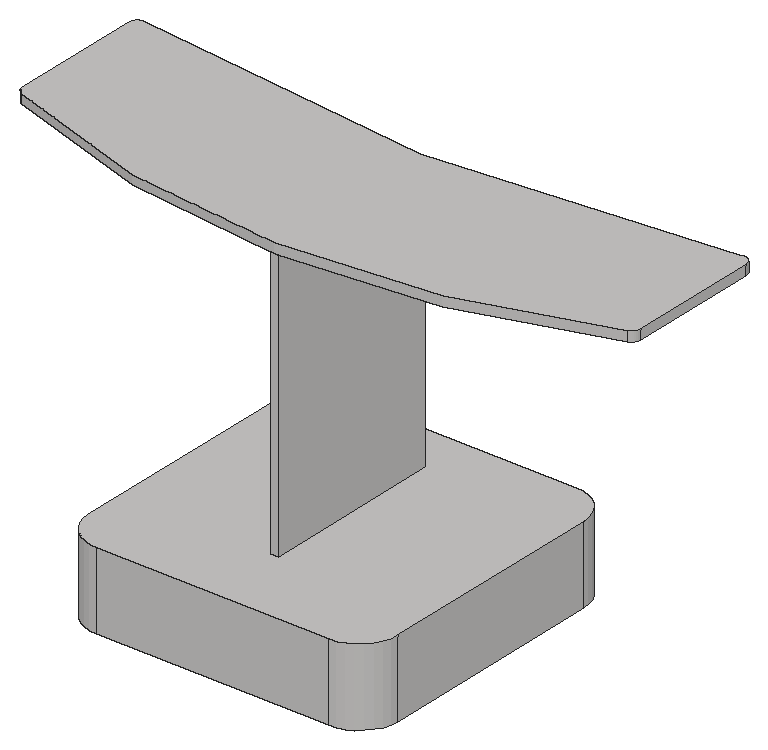
Revit family "RBA BIM - B672", category Specialty Equipment, host Face, Revit 2013
Parameters (values of type "B-672")
  URL = "www.rba.com.au"
  Type Comments = "Bright Polished Stainless Steel"
  Radius = 6.35 mm
  Product Page URL = ""
  Product Name = "Classic Series Surface Monted Double Robe Hook"
  Model = "B-672 Series"
  Manufacturer = "RBA Group"
  Keynote = ""
  Finish Material = Stainless Steel-Bobrick-Bright Polished
  Default Elevation = 965.2 mm
  Assembly Code = "C1030210"
  ADA Compliant = yes
Types (3, lengths in mm): name | Type Comments | Finish Material
  (no name) | "Bright Polished Stainless Steel" | Stainless Steel-Bobrick-Bright Polished
  B-672 | "Bright Polished Stainless Steel" | Stainless Steel-Bobrick-Bright Polished
  B-6727 | "Satin Finish Stainless Steel" | Stainless Steel-Bobrick-Satin
Reference planes
  plane 1 "Center (Front/Back)": y = 0
  plane 2: z = 0
  plane 3 "Center (Left/Right)": x = 0
  plane 4: x = -25.4
  plane 5: x = 25.4
  plane 6: y = -50.8
  plane 7 "Front of Wall Mount": z = 12.7
  plane 8: x = -0.657
  plane 9: x = 0.657
  plane 10: y = -38.1
  plane 11: y = -7.938
  plane 12: z = 57.15
  plane 13: x = 50.8
  plane 14: x = -50.8
  plane 15: z = 58.737
Forms (mm)
  Extrusion 1, solid, material "Stainless Steel-Bobrick-Bright Polished" <- "Finish Material"
    sketch origin (0, 0, 0) x (1, 0, 0) y (0, 1, 0)
      loop
        arc (-19.05, 0) -> (-23.54, -1.86) -> (-25.4, -6.35) r 6.35
        line (-25.4, -6.35) -> (-25.4, -44.45)
        arc (-25.4, -44.45) -> (-23.54, -48.94) -> (-19.05, -50.8) r 6.35
        line (-19.05, -50.8) -> (19.05, -50.8)
        arc (19.05, -50.8) -> (23.54, -48.94) -> (25.4, -44.45) r 6.35
        line (25.4, -44.45) -> (25.4, -6.35)
        arc (25.4, -6.35) -> (23.54, -1.86) -> (19.05, 0) r 6.35
        line (19.05, 0) -> (-19.05, 0)
    from 0 to 12.7
  Extrusion 2, solid, material "Stainless Steel-Bobrick-Bright Polished" <- "Finish Material"
    sketch origin (0, 0, 12.7) x (0, 1, 0) y (-1, 0, 0)
      loop
        line (-7.938, 0.657) -> (-38.1, 0.657) -> (-38.1, -0.657) -> (-7.938, -0.657) -> (-7.938, 0.657)
    from 0 to 44.45
  Extrusion 3, solid, material "Stainless Steel-Bobrick-Bright Polished" <- "Finish Material"
    sketch origin (0, 0, 12.7) x (0, 1, 0) y (-1, 0, 0)
      loop
        line (-4.785, 50.8) -> (-26.301, 50.8)
        arc (-26.301, 50.8) -> (-27.174, 50.538) -> (-27.759, 49.839) r 1.588
        arc (-27.759, 49.839) -> (-38.007, 0) -> (-27.759, -49.839) r 126.321
        arc (-27.759, -49.839) -> (-27.174, -50.538) -> (-26.301, -50.8) r 1.587
        line (-26.301, -50.8) -> (-4.785, -50.8)
        arc (-4.785, -50.8) -> (-3.555, -50.215) -> (-3.23, -48.892) r 1.587
        arc (-3.23, -48.892) -> (-8.213, 0) -> (-3.23, 48.892) r 242.355
        arc (-3.23, 48.892) -> (-3.555, 50.215) -> (-4.785, 50.8) r 1.588
    from 44.45 to 46.037
Lines and regions (mm)
  Masking region 1
    outline origin (0, 0, 12.7) x (0, 1, 0) y (-1, 0, 0)
      loop
        arc (-3.23, -48.892) -> (-5.345, -37.18) -> (-6.881, -25.378) r 242.355
        arc (-6.881, -25.378) -> (-2.052, -23.724) -> (0, -19.05) r 6.35
        line (0, -19.05) -> (0, 19.05)
        arc (0, 19.05) -> (-2.052, 23.724) -> (-6.881, 25.378) r 6.35
        arc (-6.881, 25.378) -> (-5.345, 37.18) -> (-3.23, 48.892) r 242.355
        arc (-3.23, 48.892) -> (-3.555, 50.215) -> (-4.785, 50.8) r 1.588
        line (-4.785, 50.8) -> (-26.301, 50.8)
        arc (-26.301, 50.8) -> (-27.174, 50.538) -> (-27.759, 49.839) r 1.588
        arc (-27.759, 49.839) -> (-32.214, 37.814) -> (-35.427, 25.4) r 126.321
        line (-35.427, 25.4) -> (-44.45, 25.4)
        arc (-44.45, 25.4) -> (-48.94, 23.54) -> (-50.8, 19.05) r 6.35
        line (-50.8, 19.05) -> (-50.8, -19.05)
        arc (-50.8, -19.05) -> (-48.94, -23.54) -> (-44.45, -25.4) r 6.35
        line (-44.45, -25.4) -> (-35.427, -25.4)
        arc (-35.427, -25.4) -> (-32.214, -37.814) -> (-27.759, -49.839) r 126.321
        arc (-27.759, -49.839) -> (-27.174, -50.538) -> (-26.301, -50.8) r 1.587
        line (-26.301, -50.8) -> (-4.785, -50.8)
        arc (-4.785, -50.8) -> (-3.555, -50.215) -> (-3.23, -48.892) r 1.587
  Masking region 2
    outline origin (0, 0, 0) x (0, 1, 0) y (0, 0, 1)
      loop
        line (-7.938, 57.15) -> (-3.198, 57.15) -> (-3.198, 58.737) -> (-38.1, 58.737) -> (-38.1, 12.7) -> (-50.8, 12.7) -> (-50.8, 0) -> (0, 0) -> (0, 12.7) -> (-7.938, 12.7) -> (-7.938, 57.15)
  Masking region 3
    outline origin (0, 0, 0) x (1, 0, 0) y (0, 0, 1)
      loop
        line (-50.8, 57.15) -> (-0.657, 57.15) -> (-0.657, 12.7) -> (-25.4, 12.7) -> (-25.4, 0) -> (25.4, 0) -> (25.4, 12.7) -> (0.657, 12.7) -> (0.657, 57.15) -> (50.8, 57.15) -> (50.8, 58.737) -> (-50.8, 58.737) -> (-50.8, 57.15)
  symbolic lines, style "Robe Hook"
    curve 1: line (-25.4, -35.427, 12.7) -> (-25.4, -6.879, 12.7)
    curve 2: line (25.4, -35.427, 12.7) -> (25.4, -6.879, 12.7)
    curve 3: line (0, -7.938, 57.15) -> (0, -38.1, 57.15)
    curve 4: line (0, -7.938, 12.7) -> (0, -38.1, 12.7)
    curve 5: line (-0.657, 0, 57.15) -> (0.657, 0, 57.15)
    curve 6: line (-0.657, 0, 12.7) -> (0.657, 0, 12.7)
Dimensions and locks
  equal spacing: plane 4, plane 3 "Center (Left/Right)", plane 5
  locked: plane 4 to plane 5 at 50.8
  locked: plane 6 to plane 1 "Center (Front/Back)" at 50.8
  locked: plane 7 "Front of Wall Mount" to level at 12.7
  equal spacing: plane 8, plane 3 "Center (Left/Right)", plane 9
  locked: plane 8 to plane 9 at 1.313
  locked: plane 10 to plane 6 at 12.7
  locked: plane 11 to plane 1 "Center (Front/Back)" at 7.938
  locked: plane 12 to plane 7 "Front of Wall Mount" at 44.45
  equal spacing: plane 14, plane 3 "Center (Left/Right)", plane 13
  locked: plane 14 to plane 13 at 101.6
  locked: plane 15 to plane 12 at 1.587
  locked: plane 1 "Center (Front/Back)" to Masking region 2 sketch curve at 3.198
  "Radius": radius of Extrusion 1 sketch curve  (x4)
  aligned and locked: plane 2 to host face
  aligned and locked: level to host face
  aligned and locked: plane 1 "Center (Front/Back)" to Extrusion 1 sketch curve
  aligned and locked: plane 4 to Extrusion 1 sketch curve
  aligned and locked: plane 6 to Extrusion 1 sketch curve
  aligned and locked: plane 5 to Extrusion 1 sketch curve
  aligned and locked: plane 7 "Front of Wall Mount" to Extrusion 1
  aligned and locked: Extrusion 1 to level
  aligned and locked: Extrusion 2 sketch curve to plane 11
  aligned and locked: plane 8 to Extrusion 2 sketch curve
  aligned and locked: plane 10 to Extrusion 2 sketch curve
  aligned and locked: plane 9 to Extrusion 2 sketch curve
  aligned and locked: plane 12 to Extrusion 2
  aligned and locked: Extrusion 2 to plane 7 "Front of Wall Mount"
  aligned and locked: Extrusion 3 to Extrusion 2
  aligned and locked: plane 15 to Extrusion 3
  aligned and locked: Masking region 1 sketch curve to Extrusion 3  (x6)
  aligned and locked: Masking region 1 sketch curve to Extrusion 1  (x4)
  aligned and locked: plane 4 to curve 1
  aligned and locked: curve 2 to plane 5
  aligned and locked: Extrusion 3 to Masking region 2 sketch curve  (x2)
  aligned and locked: Masking region 2 sketch curve to Extrusion 2  (x2)
  aligned and locked: Masking region 2 sketch curve to Extrusion 1
  aligned and locked: plane 1 "Center (Front/Back)" to Masking region 2 sketch curve
  aligned and locked: host face to Masking region 2 sketch curve
  aligned and locked: plane 6 to Masking region 2 sketch curve
  aligned and locked: curve 3 to plane 12
  aligned and locked: plane 10 to curve 3
  aligned and locked: plane 11 to curve 3
  aligned and locked: curve 4 to Extrusion 1
  aligned and locked: plane 11 to curve 4
  aligned and locked: plane 10 to curve 4
  aligned and locked: Masking region 3 sketch curve to Extrusion 3  (x2)
  aligned and locked: Masking region 3 sketch curve to plane 13
  aligned and locked: plane 14 to Masking region 3 sketch curve
  aligned and locked: Masking region 3 sketch curve to Extrusion 2  (x2)
  aligned and locked: Masking region 3 sketch curve to Extrusion 1  (x2)
  aligned and locked: Masking region 3 sketch curve to plane 4
  aligned and locked: plane 5 to Masking region 3 sketch curve
  aligned and locked: plane 8 to curve 5
  aligned and locked: plane 9 to curve 5
  aligned and locked: curve 5 to Extrusion 2
  aligned and locked: plane 8 to curve 6
  aligned and locked: plane 9 to curve 6
  aligned and locked: curve 6 to Extrusion 1
Automatic sketch dimensions
  host sketch curve to host sketch curve = 2438.4 mm  (x2)
  Masking region 1 sketch curve to Masking region 1 sketch curve = 0 mm  (x6)
  plane 10 to curve 2 = 2.673 mm
  plane 10 to curve 1 = 2.673 mm
  plane 11 to curve 2 = 1.059 mm
  plane 11 to curve 1 = 1.059 mm
  Masking region 2 sketch curve to plane 7 "Front of Wall Mount" = 0 mm
  Masking region 3 sketch curve to plane 7 "Front of Wall Mount" = 0 mm
  Masking region 3 sketch curve to plane 12 = 0 mm
